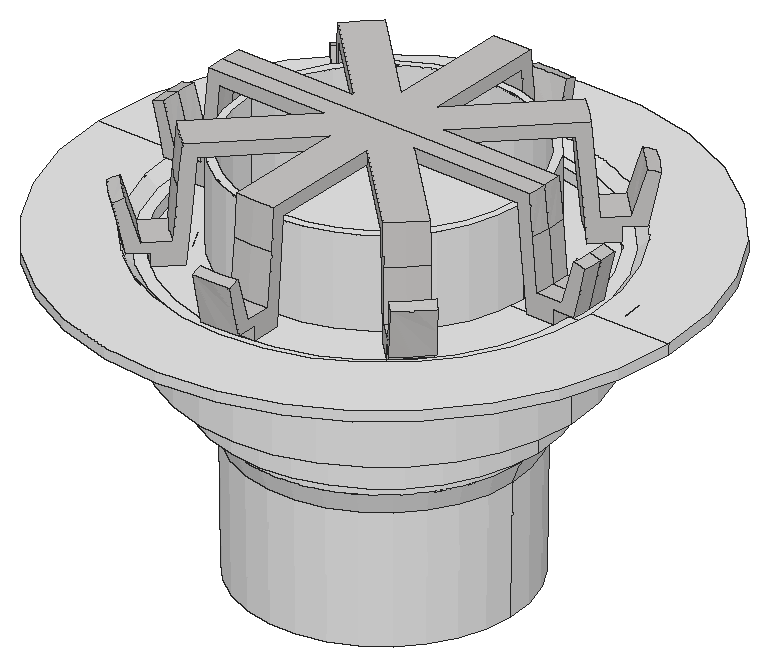
Revit family "Viking Roofspec Drain 03 M01", category Pipe Fittings, host Face, Revit 2021
Family settings
  Host = Face
  Round Connector Dimension = Use Diameter
  Part Type = Cap
  Cut with Voids When Loaded = No
  Shared = No
Parameters (values of type "Drains - Overflow - 80mm")
  URL = "www.vikingroofspec.co.nz"
  Type Comments = "Viking Roofspec 80mmØ clamped overflow drain SDM049 with 304 S/S domed grate, installed as per manufacturers instructions."
  Pipe Diameter = 80 mm
  Overall Cut Diameter = 230 mm
  Model = "SDM049"
  Material = Viking Roofspec - Plastic White
  Manufacturer = "Viking Roofspec"  # constant formula
  Grate Material = Viking Roofspec - Stainless Steel
  Flow Out = 3.26 L/s
  Default Elevation = 0 mm
  Cut Diameter = 185 mm
  Component = SDM049-050 : Overflow
Reference planes
  plane 1 "Center (Front/Back)": y = 0
  plane 2: z = 0
  plane 3 "Center (Left/Right)": x = 0
  plane 4 "Pipe Connector": z = -116.857
Forms (mm)
  Extrusion 1, void
    sketch origin (0, 0, 0) x (1, 0, 0) y (0, 1, 0)
      loop
        circle (0, 0) r 92.5
    from 0 to -120
  Extrusion 2, void
    sketch origin (0, 0, 0) x (1, 0, 0) y (0, 1, 0)
      loop
        circle (0, 0) r 115
    from -4 to 0
Dimensions and locks
  locked: host face to plane 4 "Pipe Connector" at 116.857
  "Cut Diameter": diameter of Extrusion 1 sketch curve
  "Overall Cut Diameter": diameter of Extrusion 2 sketch curve
  aligned and locked: plane 2 to host face
  aligned and locked: level to host face
Automatic sketch dimensions
  host sketch curve to host sketch curve = 2438.4 mm  (x2)
  plane 1 "Center (Front/Back)" to Extrusion 1 sketch curve = 0 mm
  Extrusion 1 sketch curve to plane 3 "Center (Left/Right)" = 0 mm
  plane 1 "Center (Front/Back)" to Extrusion 2 sketch curve = 0 mm
  Extrusion 2 sketch curve to plane 3 "Center (Left/Right)" = 0 mm
Nested families
  nested 1: "SDM049-050" at (0, 0, 0), type <- "Component", Grate Material <- "Grate Material", Material <- "Material", type "Overflow"
Connectors
  piping at (0, 0, -116.857), diameter 80, driven by "Pipe Diameter", driven by "Flow Out"
    settings: index 3, connector inside diameter 609.6 mm, connector length 0 mm, flow factor 0, pipe flow 3.26 L/s, pressure drop 0.0 Pa, fitting loss kfactor 0, connector angle 0.00°, fixture units 0, engagement length 0 mm, angle of deflection 0.00°, flow configuration 1, flow direction 2, fitting loss method 4, system type 16, joint type 0, gender type 0, connector reference index -1, connector utility 0, adjustable connector no, is connector primary yes, connector description "Drain/Overflow"
Definition of nested family "SDM049-050"
  Parameters (values of type "Overflow")
    Not Flat Grate = not(Flat Grate)  # yes
    Material [instance] = none
    Has Overflow = yes
    Grate Material [instance] = none
    Default Elevation = 1219.2 mm
    Flat Grate = no
  Types (3, lengths in mm): name | Not Flat Grate | Has Overflow | Flat Grate
    Deck Drain | no | no | yes
    Drain | yes | no | no
    Overflow | yes | yes | no
  Reference planes
    plane 1 "Center (Front/Back)": y = 0
    plane 2: z = 0
    plane 3 "Center (Left/Right)": x = 0
  Forms (mm)
    Revolve 1, solid, material <- "Material"
      sketch origin (0, 0, 0.65) x (1, 0, 0) y (0, 0, 1)
        loop
          line (-89.864, -4.65) -> (-78.07, -17.298) -> (-78.07, -23.78) -> (-75.75, -23.78) -> (-75.75, -43.15) -> (-62.75, -43.15) -> (-62.75, -58.169) -> (-55.2, -60.077) -> (-55.2, -64.697) -> (-51.992, -72.76) -> (-51.354, -121.507) -> (0, -121.507) -> (0, -9) -> (-75.5, -9) -> (-83.85, -0.65) -> (-115, -0.65) -> (-115, -4.65) -> (-89.864, -4.65)
        axis (0, -0.65) -> (0, -121.507)
      angle from 0 to 360
    Revolve 2, solid, material <- "Material"
      sketch origin (0, 0, -4) x (1, 0, 0) y (0, 0, 1)
        loop
          line (60.75, -5) -> (60.75, -9) -> (75.5, -9) -> (84.5, 0) -> (75.25, 0) -> (75.25, -5) -> (60.75, -5)
        axis (0, 0) -> (0, -9)
      angle from 0 to 360
  Dimensions and locks
    aligned and locked: level to plane 2
  Nested families
    nested 1: "80mm Grate" at (0, 0, -4), Grate Material <- "Grate Material", visible <- "Not Flat Grate", type "80mm Grate"
      with Grate Material none
    nested 2: "80mm Flat Grate" at (0, 0, -4) x (0, 1, 0) z (0, 0, 1), Grate Material <- "Grate Material", visible <- "Flat Grate", type "80mm Flat Grate"
      with Grate Material none
    nested 3: "80mm Overflow" at (0, 0, -4), visible <- "Has Overflow", Material <- "Material", type "80mm Overflow"
      with Material none
  Definition of nested family "80mm Grate"
    Parameters (values of type "80mm drain")
      Grate Material [instance] = none
      Default Elevation = 1219.2 mm
    Reference planes
      plane 1 "Center (Front/Back)": y = 0
      plane 2: z = 0
      plane 3 "Center (Left/Right)": x = 0
    Forms (mm)
      Revolve 1, solid, material <- "Grate Material"
        sketch origin (0, 0, 4.65) x (1, 0, 0) y (0, 0, 1)
          loop
            line (68.187, 4.525) -> (66.487, 24.065) -> (65.154, 39.402) -> (0, 39.402) -> (0, 34.408) -> (60.618, 34.408) -> (63.977, -4.397) -> (75.039, -4.397) -> (75.039, 0.839) -> (83.094, 0.839) -> (87.449, 19.74) -> (83.202, 21.041) -> (78.142, 4.52) -> (68.187, 4.525)
          axis (0, 39.402) -> (0, -4.397)
        angle from 0 to 360
      Extrusion 2, void
        sketch origin (300, 0, 0) x (1, 0, 0) y (0, 1, 0)
          loop
            line (-281.893, -7.5) -> (-213.553, -75.841) -> (-185.245, -7.5) -> (-281.893, -7.5)
          loop
            line (-281.893, 7.5) -> (-185.245, 7.5) -> (-213.553, 75.841) -> (-281.893, 7.5)
          loop
            line (-292.5, 18.107) -> (-224.159, 86.447) -> (-292.5, 114.755) -> (-292.5, 18.107)
          loop
            line (-307.5, 114.755) -> (-375.841, 86.447) -> (-307.5, 18.107) -> (-307.5, 114.755)
          loop
            line (-318.107, 7.5) -> (-386.447, 75.841) -> (-414.755, 7.5) -> (-318.107, 7.5)
          loop
            line (-318.107, -7.5) -> (-414.755, -7.5) -> (-386.447, -75.841) -> (-318.107, -7.5)
          loop
            line (-307.5, -18.107) -> (-375.841, -86.447) -> (-307.5, -114.755) -> (-307.5, -18.107)
          loop
            line (-292.5, -18.107) -> (-292.5, -114.755) -> (-224.159, -86.447) -> (-292.5, -18.107)
        from -14.819 to 68.3
    Cuts and joins
      Extrusion 2 cuts Revolve 1
    Dimensions and locks
      aligned and locked: level to plane 2
  Definition of nested family "80mm Flat Grate"
    Parameters (values of type "80mm Flat Grate")
      Grate Material [instance] = none
      Default Elevation = 1219.2 mm
    Reference planes
      plane 1 "Center (Front/Back)": y = 0
      plane 2: z = 0
      plane 3 "Center (Left/Right)": x = 0
    Forms (mm)
      Revolve 1, solid, material <- "Grate Material"
        sketch origin (0, 0, -0.65) x (1, 0, 0) y (0, 0, 1)
          loop
            line (0, -6.25) -> (72.5, -6.25) -> (74.25, -4.5) -> (75.25, -4.5) -> (75.25, 0) -> (0, 0) -> (0, -6.25)
          axis (0, 0) -> (0, -6.25)
        angle from 0 to 360
      Extrusion 2, void
        sketch origin (0, 0, 0) x (1, 0, 0) y (0, 1, 0)
          loop
            line (-52.166, 38.778) -> (-27.5, 24.537) -> (-27.5, 58.896)
            arc (-27.5, 58.896) -> (-41.083, 50.37) -> (-52.166, 38.778) r 65
          loop
            line (-12.5, 15.877) -> (0, 8.66) -> (12.5, 15.877) -> (12.5, 63.787)
            arc (12.5, 63.787) -> (0, 65) -> (-12.5, 63.787) r 65
            line (-12.5, 63.787) -> (-12.5, 15.877)
          loop
            arc (52.166, 38.778) -> (41.083, 50.37) -> (27.5, 58.896) r 65
            line (27.5, 58.896) -> (27.5, 24.537) -> (52.166, 38.778)
          loop
            line (59.666, 25.788) -> (35, 11.547) -> (64.756, -5.632)
            arc (64.756, -5.632) -> (64.164, 10.394) -> (59.666, 25.788) r 65
          loop
            line (20, 2.887) -> (7.5, -4.33) -> (7.5, -18.764) -> (48.991, -42.719)
            arc (48.991, -42.719) -> (56.292, -32.5) -> (61.491, -21.068) r 65
            line (61.491, -21.068) -> (20, 2.887)
          loop
            arc (7.5, -64.566) -> (23.08, -60.764) -> (37.256, -53.264) r 65
            line (37.256, -53.264) -> (7.5, -36.084) -> (7.5, -64.566)
          loop
            line (-7.5, -64.566) -> (-7.5, -36.084) -> (-37.256, -53.264)
            arc (-37.256, -53.264) -> (-23.08, -60.764) -> (-7.5, -64.566) r 65
          loop
            line (-7.5, -18.764) -> (-7.5, -4.33) -> (-20, 2.887) -> (-61.491, -21.068)
            arc (-61.491, -21.068) -> (-56.292, -32.5) -> (-48.991, -42.719) r 65
            line (-48.991, -42.719) -> (-7.5, -18.764)
          loop
            arc (-59.666, 25.788) -> (-64.164, 10.394) -> (-64.756, -5.632) r 65
            line (-64.756, -5.632) -> (-35, 11.547) -> (-59.666, 25.788)
        from -20 to 20
    Cuts and joins
      Extrusion 2 cuts Revolve 1
    Dimensions and locks
      aligned and locked: level to plane 2
  Definition of nested family "80mm Overflow"
    Parameters (values of type "80mm Overflow")
      Material [instance] = none
      Default Elevation = 1219.2 mm
    Reference planes
      plane 1 "Center (Front/Back)": y = 0
      plane 2: z = 0
      plane 3 "Center (Left/Right)": x = 0
    Forms (mm)
      Extrusion 1, solid, material <- "Material"
        sketch origin (0, 0, 0) x (1, 0, 0) y (0, 1, 0)
          loop
            circle (0, 0) r 56.5
          loop
            circle (0, 0) r 53.5
        from 0 to 34.563
    Dimensions and locks
      aligned and locked: level to plane 2
